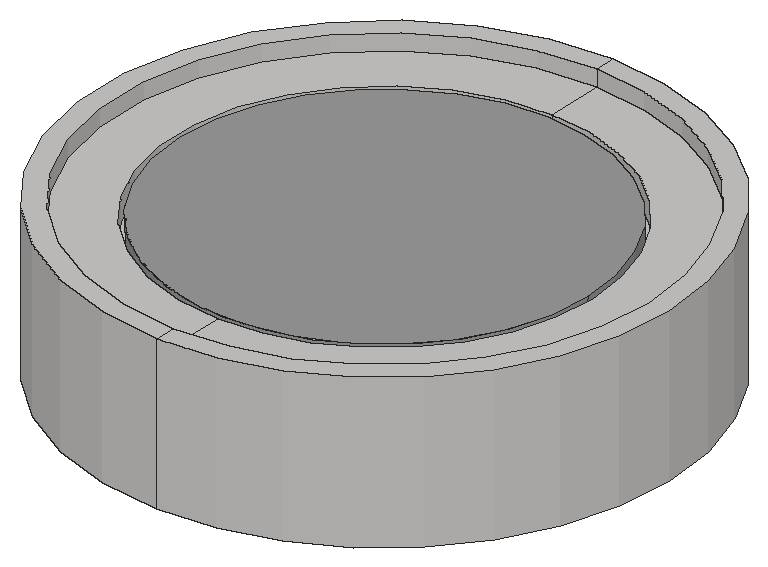
Revit family "PRD_FrankeWS_WtrArtrs_TapAerator_ZAQUA087", category Generic Models, Revit 2018
Family settings
  Can host rebar = No
  Round Connector Dimension = Use Diameter
  Part Type = Normal
  Work Plane-Based = Yes
  Always vertical = No
  Cut with Voids When Loaded = No
  Shared = No
  Room Calculation Point = No
Parameters (values of type "ZAQUA087")
  WarrantyStartDate = "1900-12-31T23:59:59"
  WarrantyGuarantorParts = "n/a"
  WarrantyGuarantorLabor = "n/a"
  WarrantyDurationUnit = "year"
  WarrantyDurationLabor = "n/a"
  WarrantyDescription = "n/a"
  Version = "1"
  Uniclass2015Version = "Products v1.10"
  Uniclass2015Title = "Water aerators"
  Uniclass2015Code = "Pr_60_55_97_95"
  URL = "www.kwc.com"
  TagNumber = "n/a"
  SustainabilityPerformance = "n/a"
  Style = "n/a"
  Size = "n/a"
  Shape = "n/a"
  SerialNumber = "n/a"
  Revision = "n/a"
  ReplacementCost = "n/a"
  ProductInformation = "https://pim.kwc.com/product/2000101160/attachment/datasheet?locale=en"
  Name = "Tap Aerator ZAQUA087"
  NBSTypeID = "n/a"
  NBSReference = "90-15-90/335"
  NBSOfficeMasterTag = "n/a"
  NBSNote = "n/a"
  NBSDescription = "Water aerators"
  NBSCertification = "n/a"
  Material = "stainless steel"
  ManufacturerURL = "www.kwc.com"
  Manufacturer = ManufacturerName  # "KWC Group AG"
  OutletMaterial [instance] = PRD_AR_SyntheticGrey
  MainColor = "stainless steel"
  InstallationDate = "1900-12-31T23:59:59"
  IfcExportType = "USERDEFINED"
  IfcExportAs = "IfcElementAssembly"
  Grade = "n/a"
  Finish = "n/a"
  FillingQuantity = "1 piece"
  Features = "Theft-proof water aerator ZAQUA087"
  ExpectedLife = "n/a"
  DurationUnit = "year"
  Description = "Theft-proof aerator with integrated flow regulator 0.10 l/s, with male thread M 24 x 1."
  NetWeight = 0.03 kg
  ModelReference = "ZAQUA087"
  ModelNumber = "2000101160"
  Model = ModelReference  # "ZAQUA087"
  ManufacturerName = "KWC Group AG"  # constant formula
  GrossWeight = 0.03 kg
  FaucetMaterial [instance] = PRD_AR_StainlessSteel_SatinFinished
  Default Elevation = 1219.2 mm
  CreateOn = "11/2018"  # constant formula
  Constituents = "n/a"
  Color = "no colour"
  CodePerformance = "n/a"
  Category = "Pr_60_55_97_95, Water aerators"
  BarCode = "n/a"
  BIMObjectName = "PRD_AR_WtrArtrs_TapAerator_ZAQUA087"
  Author = "Archispace"  # constant formula
  AssetType = "Fixed"
  AssetIdentifier = "n/a"
  AccessibilityPerformance = "n/a"
Reference planes
  plane 1 "Środek (Przód/Tył)": y = 0
  plane 2: z = 0
  plane 3 "Środek (Lewa/Prawa)": x = 0
Forms (mm)
  Revolve 1, solid, material "PRD_AR_StainlessSteel_SatinFinished" <- "FaucetMaterial", detail levels fine
    sketch origin (0, 0, 0) x (0, 1, 0) y (0, 0, 1)
      loop
        line (0, 0) -> (0, 5.587) -> (-10.25, 5.587) -> (-10.25, 6.717) -> (-13, 6.717) -> (-13, 7.5) -> (-14, 7.5) -> (-14, 0) -> (0, 0)
      axis (0, 7.5) -> (0, 0)
    angle from 0 to 360
  Extrusion 2, solid, material "PRD_AR_SyntheticGrey" <- "OutletMaterial", detail levels fine
    sketch origin (0, 0, 0) x (1, 0, 0) y (0, 1, 0)
      loop
        circle (0, 0) r 10
    from 5.587 to 6.717
Dimensions and locks
  aligned and locked: level to plane 2
